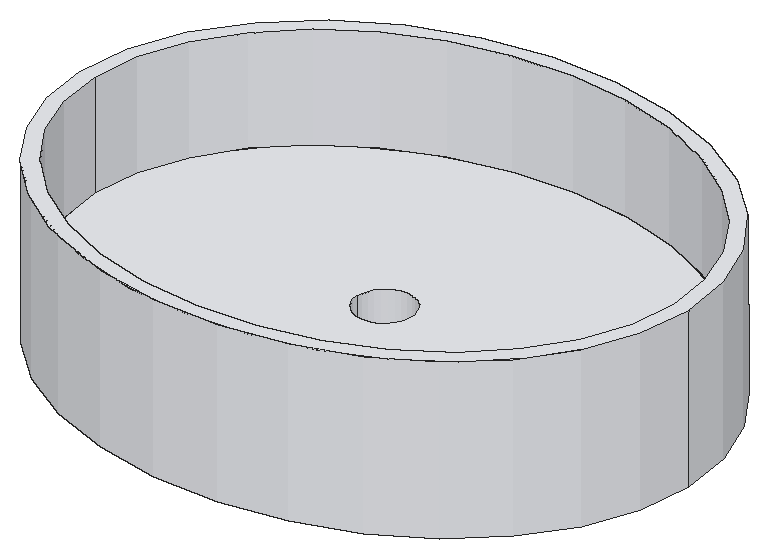
Revit family "Deca_Cuba de Apoio Oval_L.93.rfaGGGG", category Plumbing Fixtures, host Face, Revit 2010
Parameters (values of type "L.93.17_Branco Gelo GE17")
  WFU = 0
  Vendido Separadamente = "Sifão para lavatório: Cromado: (1680.C.100.112), Dourado (1680.D.100.112).   Slim: Cromado (1684.C.100.112), Dourado (1684.D.100.112) e Gold (1684.D.100.112.GLD).  Quadra: Cromado (1685.C.100.112).                                                                                                                                                                                                                                                                                                                                                                                                                                                                                                  Válvulas de escoamentos compatíveis: Luxo: Cromado (1601.C), Branco (1601.E.BR), Gold (1601.D.GLD); Click: Cromado (1601.C.CLI).  Competitivo: Cromado (1602.C), Dourado (1602.D); Tampão plástico: Cromado (1602.C.PLA)."  # constant formula
  Variações de COR = "Branco (L.93.17); Ébano (L.93.95)."  # constant formula
  URL = "www.deca.com.br/produtos"
  Segmento = "Luxo"  # constant formula
  Raio Ponto de Esgoto = 20 mm  # constant formula
  Produto = "Cuba de apoio oval"  # constant formula
  Peso Liquido (Kg) = 9.5
  Norma = "ABNT NBR 15097-1: 2011"  # constant formula
  Model = Código  # "L.93.17"
  Material = "Deca_Fireclay"  # constant formula
  Manufacturer = "Deca"  # constant formula
  Louça/Metais = "Louça"  # constant formula
  Linha = "Cubas de apoio"  # constant formula
  Informações Complementares = ""
  Flow Pressure = 0.00 psi
  Diâmetro Ponto de Esgoto = Raio Ponto de Esgoto * 2  # 40 mm
  Description = "Cuba de apoio"  # constant formula
  Default Elevation = 0 mm
  Código = "L.93.17"
  Cuba = Deca GE17 Branco Gelo Cerâmica
  Criado por = "Contino/quattroD"  # constant formula
  Atendimento ao Cliente = "0800-0117073 "  # constant formula
  Assembly Code = "D2010400"
  Aprovado por = "Contino/quattroD"  # constant formula
  Acompanha do Producto = ""
Types (3, lengths in mm): name | Model | Código | Cuba
  (no name) | "L.93.17" | "L.93.17" | Deca GE17 Branco Gelo Cerâmica
  L.93.17_Branco Gelo GE17 | "L.93.17" | "L.93.17" | Deca GE17 Branco Gelo Cerâmica
  L.93.95_Ébano EB95 | "L.93.95" | "L.93.95" | Deca EB95 Ébano Cerâmica
Reference planes
  plane 1 "Center (Front/Back)": y = -3.625
  plane 2: z = 0
  plane 3 "Center (Left/Right)": x = 0
  plane 4 "Left 1": x = -250
  plane 5 "Right 1": x = 250
  plane 6 "Top 1": z = 130
  plane 7 "Front 1": y = -208.625
  plane 8 "Back 1": y = 201.375
Forms (mm)
  Extrusion 1, solid, material "Deca GE17 Branco Gelo Cerâmica" <- "Cuba"
    sketch origin (0, 0, -120) x (0, 1, 0) y (-1, 0, 0)
      loop
        spline (-3.625, 250) -> (-56.683, 241.481) -> (-106.125, 216.506) -> (-148.582, 176.777) -> (-181.16, 125) -> (-201.64, 64.705) -> (-208.625, 0) -> (-201.64, -64.705) -> (-181.16, -125) -> (-148.582, -176.777) -> (-106.125, -216.506) -> (-56.683, -241.481) -> (-3.625, -250)
        spline (-3.625, -250) -> (49.433, -241.481) -> (98.875, -216.506) -> (141.332, -176.777) -> (173.91, -125) -> (194.39, -64.705) -> (201.375, 0) -> (194.39, 64.705) -> (173.91, 125) -> (141.332, 176.777) -> (98.875, 216.506) -> (49.433, 241.481) -> (-3.625, 250)
    from 120 to 250
  Extrusion 2, void
    sketch origin (0, 0, -120) x (0, 1, 0) y (-1, 0, 0)
      loop
        spline (-3.625, 237.753) -> (-53.511, 229.652) -> (-99.997, 205.901) -> (-139.916, 168.12) -> (-170.547, 118.882) -> (-189.802, 61.544) -> (-196.37, 0.012) -> (-189.802, -61.52) -> (-170.547, -118.858) -> (-139.916, -168.096) -> (-99.997, -205.878) -> (-53.511, -229.628) -> (-3.625, -237.729)
        spline (-3.625, -237.729) -> (46.261, -229.628) -> (92.747, -205.878) -> (132.666, -168.096) -> (163.296, -118.858) -> (182.552, -61.52) -> (189.119, 0.012) -> (182.552, 61.544) -> (163.296, 118.882) -> (132.666, 168.12) -> (92.747, 205.901) -> (46.261, 229.652) -> (-3.625, 237.753)
    from 165 to 250
  Extrusion 3, void
    sketch origin (0, 0, -120) x (0, 1, 0) y (-1, 0, 0)
      loop
        circle (-3.591, 0) r 22.5
    from 120 to 175.529
Cuts and joins
  Extrusion 2, Extrusion 3 cuts Extrusion 1
Lines and regions (mm)
  Masking region 1
    outline origin (0, 0, -120) x (0, 1, 0) y (-1, 0, 0)
      loop
        spline (-3.625, 250) -> (-56.683, 241.481) -> (-106.125, 216.506) -> (-148.582, 176.777) -> (-181.16, 125) -> (-201.64, 64.705) -> (-208.625, 0) -> (-201.64, -64.705) -> (-181.16, -125) -> (-148.582, -176.777) -> (-106.125, -216.506) -> (-56.683, -241.481) -> (-3.625, -250)
        spline (-3.625, -250) -> (49.433, -241.481) -> (98.875, -216.506) -> (141.332, -176.777) -> (173.91, -125) -> (194.39, -64.705) -> (201.375, 0) -> (194.39, 64.705) -> (173.91, 125) -> (141.332, 176.777) -> (98.875, 216.506) -> (49.433, 241.481) -> (-3.625, 250)
  Masking region 2
    outline origin (0, 200, 0) x (-1, 0, 0) y (0, 0, 1)
      loop
        arc (-245, 130) -> (-248.536, 128.536) -> (-250, 125) r 5
        line (-250, 125) -> (-250, 0) -> (250, 0) -> (250, 125)
        arc (250, 125) -> (248.535, 128.536) -> (245, 130) r 5
        line (245, 130) -> (-245, 130)
  Masking region 3
    outline origin (-283.343, 0, 0) x (0, -1, 0) y (0, 0, 1)
      loop
        arc (-196.375, 130) -> (-199.91, 128.536) -> (-201.375, 125) r 5
        line (-201.375, 125) -> (-201.375, 0) -> (208.625, 0) -> (208.625, 125)
        arc (208.625, 125) -> (207.172, 128.524) -> (203.657, 130) r 5
        line (203.657, 130) -> (-196.375, 130)
  symbolic lines
    curve 1: line (-64.865, 200, 0) -> (64.866, 200, 0)
    curve 2: spline (-237.751, -3.625, -120) -> (-229.651, 46.251, -120) -> (-205.9, 92.729, -120) -> (-168.119, 132.64, -120) -> (-118.881, 163.265, -120) -> (-61.543, 182.517, -120) -> (-0.011, 189.083, -120) -> (61.52, 182.517, -120) -> (118.859, 163.265, -120) -> (168.096, 132.64, -120) -> (205.878, 92.729, -120) -> (229.628, 46.251, -120) -> (237.729, -3.625, -120) -> (229.628, -53.502, -120) -> (205.878, -99.979, -120) -> (168.096, -139.89, -120) -> (118.859, -170.515, -120) -> (61.52, -189.767, -120) -> (-0.011, -196.333, -120) -> (-61.543, -189.767, -120) -> (-118.881, -170.515, -120) -> (-168.119, -139.89, -120) -> (-205.9, -99.979, -120) -> (-229.651, -53.502, -120) -> (-237.751, -3.625, -120)
    curve 3: circle (0, -3.591, -120) r 31.036 normal (0, 0, 1)
    curve 4: circle (0, -3.591, -120) r 22.5 normal (0, 0, 1)
Dimensions and locks
  plane 6 "Top 1" to host face = 130 mm  (x2)
  plane 4 "Left 1" to plane 5 "Right 1" = 500 mm  (x2)
  plane 7 "Front 1" to plane 8 "Back 1" = 410 mm  (x2)
  aligned and locked: host face to plane 2
  aligned and locked: level to host face
Connectors
  piping at (0, -3.591, 0), driven by "Raio Ponto de Esgoto", driven by "Flow Pressure", driven by "WFU"
    settings: on cut or joined group of Extrusion 1, Extrusion 2, Extrusion 3, index 1, connector radius 0.7874", flow factor 0, pipe flow 0 GPM, pressure drop 0.00 psi, fitting loss kfactor 0, connector angle 0.00°, fixture units 0, engagement length 0 mm, flow configuration 3, flow direction 2, fitting loss method 0, system type 16, joint type 0, gender type 0, connector reference index -1, connector utility 0, adjustable connector no, is connector primary yes, fitting loss table "", connector description ""
